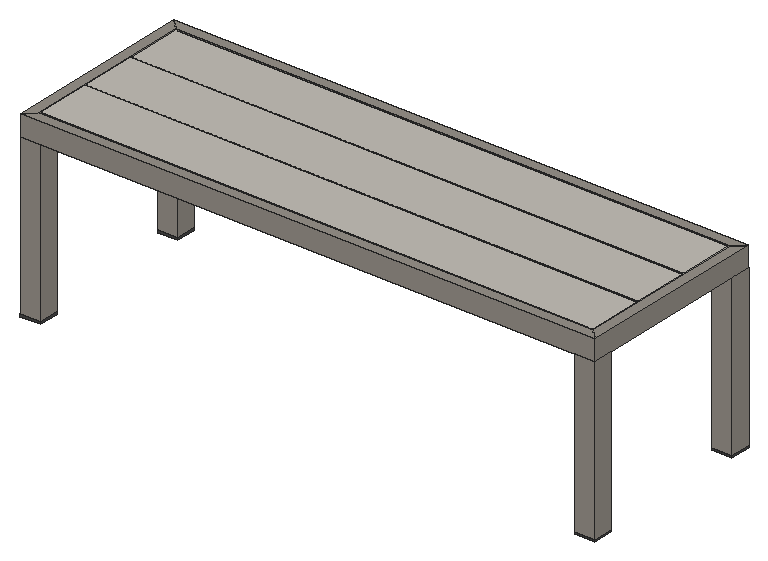
Revit family "Plymold-Aurora-Bench", category Furniture, Revit 2022
Family settings
  OmniClass Number = 23.40.20.00
  OmniClass Title = General Furniture and Specialties
  Work Plane-Based = No
  Always vertical = Yes
  Cut with Voids When Loaded = No
  Render Appearance Source = Family Geometry
  Shared = Yes
  Room Calculation Point = No
Parameters (values of type "666457PL02")
  Width = 56.9999"
  URL = "https://plymold.com/"
  Type Comments = "Aurora"  # constant formula
  TOP MATERIAL = PLY - Sand
  Sustainability = "https://plymold.com/plymolds-sustainability-efforts/"
  Revit Model Built By = "https://www.servex-us.com/servex-revit/"
  Product Documentation Link = "https://plymold.com/product/aurora-outdoor-bench/"
  Model = "666457PL02"
  Manufacturer = "Plymold Inc."  # constant formula
  Keynote = "12500"  # constant formula
  Height = 18"
  GLIDE MATERIAL = PLY - Plastic Black
  FRAME MATERIAL = PLY - Iron Glimme Powdercoat
  Description = "Outdoor Bench - Iron Glimme - 57\"W x 19\"D x 18\"H"
  Depth = 18.9999"
  Default Elevation = 0"
  Assembly Code = "E2020200"
Types (3): name | Model | FRAME MATERIAL | Description
  (no name) | "666457PL02" | PLY - Iron Glimme Powdercoat | "Outdoor Bench - Iron Glimme - 57\"W x 19\"D x 18\"H"
  666457PL03 | "666457PL03" | PLY - Onyx Black Powdercoat | "Outdoor Bench - Onyx Black - 57\"W x 19\"D x 18\"H"
  666457PL02 | "666457PL02" | PLY - Iron Glimme Powdercoat | "Outdoor Bench - Iron Glimme - 57\"W x 19\"D x 18\"H"
Reference planes (in)
  plane 1: z = 0
  plane 2 "Center Left/Right": x = 0
  plane 3: z = 18
  plane 4: x = 56.9999
  plane 5: y = -29.2069
  plane 6: z = 16
  plane 7 "Center (Front/Back)": y = -10.207
  plane 8: y = -19.70695
Forms (in)
  Sweep 1, solid, material "PLY - Iron Glimme Powdercoat" <- "FRAME MATERIAL"
    path origin (0, 0, 18) x (0, 1, 0) y (-1, 0, 0)
      loop
        line (-10.207, 0) -> (-29.2069, 0) -> (-29.2069, -56.9999) -> (-10.207, -56.9999) -> (-10.207, 0)
    profile origin (28.49995, -10.207, 18) x (0, 1, 0) y (0, 0, 1)
      loop
        line (0, 0) -> (-1, 0) -> (-1, -2) -> (0, -2) -> (0, 0)
  Extrusion 2, solid, material "PLY - Sand" <- "TOP MATERIAL"
    sketch origin (0, 0, 18) x (0, 1, 0) y (-1, 0, 0)
      loop
        line (-11.4569, -1.1249) -> (-16.7069, -1.1249)
        arc (-16.7069, -1.1249) -> (-16.79529, -1.16151) -> (-16.8319, -1.2499) r 0.125
        line (-16.8319, -1.2499) -> (-16.8319, -55.7499)
        arc (-16.8319, -55.7499) -> (-16.79529, -55.83829) -> (-16.7069, -55.8749) r 0.125
        line (-16.7069, -55.8749) -> (-11.4569, -55.8749)
        arc (-11.4569, -55.8749) -> (-11.36851, -55.83829) -> (-11.3319, -55.7499) r 0.125
        line (-11.3319, -55.7499) -> (-11.3319, -1.2499)
        arc (-11.3319, -1.2499) -> (-11.36851, -1.16151) -> (-11.4569, -1.1249) r 0.125
      loop
        line (-17.0819, -1.1249) -> (-22.3319, -1.1249)
        arc (-22.3319, -1.1249) -> (-22.42029, -1.16151) -> (-22.4569, -1.2499) r 0.125
        line (-22.4569, -1.2499) -> (-22.4569, -55.7499)
        arc (-22.4569, -55.7499) -> (-22.42029, -55.83829) -> (-22.3319, -55.8749) r 0.125
        line (-22.3319, -55.8749) -> (-17.0819, -55.8749)
        arc (-17.0819, -55.8749) -> (-16.99351, -55.83829) -> (-16.9569, -55.7499) r 0.125
        line (-16.9569, -55.7499) -> (-16.9569, -1.2499)
        arc (-16.9569, -1.2499) -> (-16.99351, -1.16151) -> (-17.0819, -1.1249) r 0.125
      loop
        line (-22.7069, -1.1249) -> (-27.9569, -1.1249)
        arc (-27.9569, -1.1249) -> (-28.04529, -1.16151) -> (-28.0819, -1.2499) r 0.125
        line (-28.0819, -1.2499) -> (-28.0819, -55.7499)
        arc (-28.0819, -55.7499) -> (-28.04529, -55.83829) -> (-27.9569, -55.8749) r 0.125
        line (-27.9569, -55.8749) -> (-22.7069, -55.8749)
        arc (-22.7069, -55.8749) -> (-22.61851, -55.83829) -> (-22.5819, -55.7499) r 0.125
        line (-22.5819, -55.7499) -> (-22.5819, -1.2499)
        arc (-22.5819, -1.2499) -> (-22.61851, -1.16151) -> (-22.7069, -1.1249) r 0.125
    from -0.75 to 0
  Extrusion 3, solid, material "PLY - Iron Glimme Powdercoat" <- "FRAME MATERIAL"
    sketch origin (0, 0, 0) x (1, 0, 0) y (0, 1, 0)
      loop
        line (0, -27.2069) -> (0, -29.2069) -> (2, -29.2069) -> (2, -27.2069) -> (0, -27.2069)
      loop
        line (0, -10.207) -> (0, -12.207) -> (2, -12.207) -> (2, -10.207) -> (0, -10.207)
      loop
        line (56.9999, -10.207) -> (54.9999, -10.207) -> (54.9999, -12.207) -> (56.9999, -12.207) -> (56.9999, -10.207)
      loop
        line (56.9999, -27.2069) -> (54.9999, -27.2069) -> (54.9999, -29.2069) -> (56.9999, -29.2069) -> (56.9999, -27.2069)
    from 0.1875 to 16
  Extrusion 4, solid, material "PLY - Iron Glimme Powdercoat" <- "FRAME MATERIAL"
    sketch origin (0, 0, 0) x (1, 0, 0) y (0, 0, 1)
      loop
        line (1, 16.25) -> (1, 16) -> (2.5, 16) -> (2.5, 16.25) -> (1, 16.25)
      loop
        line (4.125, 16.25) -> (4.125, 17.125) -> (5.875, 17.125) -> (5.875, 16.25) -> (6, 16.25) -> (6, 17.25) -> (4, 17.25) -> (4, 16.25) -> (4.125, 16.25)
      loop
        line (15.77773, 16.10095) -> (16.75, 17.07322) -> (17.72227, 16.10095) -> (17.81066, 16.18934) -> (16.75, 17.25) -> (15.68934, 16.18934) -> (15.77773, 16.10095)
      loop
        line (27.6249, 16.25) -> (27.6249, 17.125) -> (29.3749, 17.125) -> (29.3749, 16.25) -> (29.4999, 16.25) -> (29.4999, 17.25) -> (27.4999, 17.25) -> (27.4999, 16.25) -> (27.6249, 16.25)
      loop
        line (39.27763, 16.10095) -> (40.2499, 17.07322) -> (41.22217, 16.10095) -> (41.31056, 16.18934) -> (40.2499, 17.25) -> (39.18924, 16.18934) -> (39.27763, 16.10095)
      loop
        line (51.1249, 16.25) -> (51.1249, 17.125) -> (52.8749, 17.125) -> (52.8749, 16.25) -> (52.9999, 16.25) -> (52.9999, 17.25) -> (50.9999, 17.25) -> (50.9999, 16.25) -> (51.1249, 16.25)
      loop
        line (55.9999, 16.25) -> (54.4999, 16.25) -> (54.4999, 16) -> (55.9999, 16) -> (55.9999, 16.25)
    from 11.207 to 28.2069
  Extrusion 5, void
    sketch origin (0, 0, 18) x (0, 1, 0) y (-1, 0, 0)
      loop
        line (-10.207, 0) -> (-10.2382, 0) -> (-11.2382, -1) -> (-11.207, -1.0312) -> (-10.207, -0.0312) -> (-10.207, 0)
      loop
        line (-10.207, -56.9999) -> (-10.207, -56.9687) -> (-11.207, -55.9687) -> (-11.2382, -55.9999) -> (-10.2382, -56.9999) -> (-10.207, -56.9999)
      loop
        line (-29.2069, 0) -> (-29.2069, -0.0312) -> (-28.2069, -1.0312) -> (-28.1757, -1) -> (-29.1757, 0) -> (-29.2069, 0)
      loop
        line (-29.2069, -56.9999) -> (-29.1757, -56.9999) -> (-28.1757, -55.9999) -> (-28.2069, -55.9687) -> (-29.2069, -56.9687) -> (-29.2069, -56.9999)
    from -2 to 0
  Extrusion 6, solid, material "PLY - Plastic Black" <- "GLIDE MATERIAL"
    sketch origin (0, 0, 0) x (1, 0, 0) y (0, 1, 0)
      loop
        line (0, -10.207) -> (0, -12.207) -> (2, -12.207) -> (2, -10.207) -> (0, -10.207)
      loop
        line (0, -27.2069) -> (0, -29.2069) -> (2, -29.2069) -> (2, -27.2069) -> (0, -27.2069)
      loop
        line (54.9999, -27.2069) -> (54.9999, -29.2069) -> (56.9999, -29.2069) -> (56.9999, -27.2069) -> (54.9999, -27.2069)
      loop
        line (54.9999, -10.207) -> (54.9999, -12.207) -> (56.9999, -12.207) -> (56.9999, -10.207) -> (54.9999, -10.207)
    from 0 to 0.1875
Cuts and joins
  Extrusion 5 cuts Sweep 1
Lines and regions (in)
  symbolic lines
    curve 1: line (0, -10.207, 18) -> (56.9999, -10.207, 18)
    curve 2: line (0, -29.2069, 18) -> (0, -10.207, 18)
    curve 3: line (56.9999, -29.2069, 18) -> (0, -29.2069, 18)
    curve 4: line (56.9999, -10.207, 18) -> (56.9999, -29.2069, 18)
    curve 5: line (1, -11.207, 18) -> (55.9999, -11.207, 18)
    curve 6: line (1, -28.2069, 18) -> (1, -11.207, 18)
    curve 7: line (55.9999, -28.2069, 18) -> (1, -28.2069, 18)
    curve 8: line (55.9999, -11.207, 18) -> (55.9999, -28.2069, 18)
    curve 9: line (1.2499, -16.8319, 18) -> (55.7499, -16.8319, 18)
    curve 10: arc (55.7499, -16.8319, 18) -> (55.83829, -16.79529, 18) -> (55.8749, -16.7069, 18) r 0.125
    curve 11: line (55.8749, -16.7069, 18) -> (55.8749, -11.4569, 18)
    curve 12: arc (55.8749, -11.4569, 18) -> (55.83829, -11.36851, 18) -> (55.7499, -11.3319, 18) r 0.125
    curve 13: line (55.7499, -11.3319, 18) -> (1.2499, -11.3319, 18)
    curve 14: arc (1.2499, -11.3319, 18) -> (1.16151, -11.36851, 18) -> (1.1249, -11.4569, 18) r 0.125
    curve 15: line (1.1249, -11.4569, 18) -> (1.1249, -16.7069, 18)
    curve 16: arc (1.1249, -16.7069, 18) -> (1.16151, -16.79529, 18) -> (1.2499, -16.8319, 18) r 0.125
    curve 17: line (1.2499, -22.4569, 18) -> (55.7499, -22.4569, 18)
    curve 18: arc (55.7499, -22.4569, 18) -> (55.83829, -22.42029, 18) -> (55.8749, -22.3319, 18) r 0.125
    curve 19: line (55.8749, -22.3319, 18) -> (55.8749, -17.0819, 18)
    curve 20: arc (55.8749, -17.0819, 18) -> (55.83829, -16.99351, 18) -> (55.7499, -16.9569, 18) r 0.125
    curve 21: line (55.7499, -16.9569, 18) -> (1.2499, -16.9569, 18)
    curve 22: arc (1.2499, -16.9569, 18) -> (1.16151, -16.99351, 18) -> (1.1249, -17.0819, 18) r 0.125
    curve 23: line (1.1249, -17.0819, 18) -> (1.1249, -22.3319, 18)
    curve 24: arc (1.1249, -22.3319, 18) -> (1.16151, -22.42029, 18) -> (1.2499, -22.4569, 18) r 0.125
    curve 25: line (55.7499, -22.5819, 18) -> (1.2499, -22.5819, 18)
    curve 26: arc (1.2499, -22.5819, 18) -> (1.16151, -22.61851, 18) -> (1.1249, -22.7069, 18) r 0.125
    curve 27: line (1.1249, -22.7069, 18) -> (1.1249, -27.9569, 18)
    curve 28: arc (1.1249, -27.9569, 18) -> (1.16151, -28.04529, 18) -> (1.2499, -28.0819, 18) r 0.125
    curve 29: line (1.2499, -28.0819, 18) -> (55.7499, -28.0819, 18)
    curve 30: arc (55.7499, -28.0819, 18) -> (55.83829, -28.04529, 18) -> (55.8749, -27.9569, 18) r 0.125
    curve 31: line (55.8749, -27.9569, 18) -> (55.8749, -22.7069, 18)
    curve 32: arc (55.8749, -22.7069, 18) -> (55.83829, -22.61851, 18) -> (55.7499, -22.5819, 18) r 0.125
Dimensions and locks (in)
  "Height": plane 3 to plane 1
  locked: plane 3 to plane 6 at 2
  "Width": plane 2 "Center Left/Right" to plane 4
  locked: Extrusion 3 to plane 1 at 0.1875
  locked: plane 3 to Extrusion 2 at 0.75
  equal spacing: plane 5, plane 8, plane 7 "Center (Front/Back)"
  "Depth": plane 5 to plane 7 "Center (Front/Back)"
  aligned and locked: plane 1 to level
  aligned and locked: plane 6 to Extrusion 3
  aligned and locked: plane 3 to Extrusion 2
  aligned and locked: Extrusion 4 to Sweep 1  (x2)
  aligned and locked: Extrusion 5 to plane 6
  aligned and locked: plane 3 to Extrusion 5
  aligned and locked: Extrusion 6 to plane 1
  aligned and locked: Extrusion 6 to Extrusion 3
Automatic sketch dimensions
  Sweep 1 sketch curve to plane 2 "Center Left/Right" = 0"
  Sweep 1 sketch curve to plane 5 = 0"
  plane 7 "Center (Front/Back)" to Sweep 1 sketch curve = 0"
  Sweep 1 sketch curve to plane 4 = 0"
  Sweep 1 sketch curve to plane 3 = 0"
  Sweep 1 sketch curve to profile plane = 0"
  profile plane to Sweep 1 sketch curve = 1"
  Sweep 1 sketch curve to plane 3 = 2"
  plane 5 to Extrusion 2 sketch curve = 1 1/8"
  Extrusion 2 sketch curve to Extrusion 2 sketch curve = 1/8"  (x12)
  plane 2 "Center Left/Right" to Extrusion 2 sketch curve = 1.2499"
  Extrusion 2 sketch curve to Extrusion 2 sketch curve = 5 1/4"  (x4)
  plane 4 to Extrusion 2 sketch curve = 1 1/8"  (x2)
  plane 2 "Center Left/Right" to Extrusion 2 sketch curve = 1.1249"
  plane 7 "Center (Front/Back)" to Extrusion 2 sketch curve = 1.2499"  (x2)
  Extrusion 2 sketch curve to Extrusion 2 sketch curve = 0"
  Extrusion 3 sketch curve to plane 2 "Center Left/Right" = 0"  (x2)
  plane 7 "Center (Front/Back)" to Extrusion 3 sketch curve = 0"  (x2)
  Extrusion 3 sketch curve to plane 5 = 0"  (x2)
  Extrusion 3 sketch curve to plane 4 = 0"  (x2)
  Extrusion 3 sketch curve to Extrusion 3 sketch curve = 2"  (x6)
  plane 4 to Extrusion 3 sketch curve = 2"
  plane 5 to Extrusion 3 sketch curve = 2"
  Extrusion 4 sketch curve to plane 6 = 0"  (x2)
  plane 2 "Center Left/Right" to Extrusion 4 sketch curve = 1"
  Extrusion 4 sketch curve to Extrusion 4 sketch curve = 1 1/2"  (x3)
  Extrusion 4 sketch curve to plane 3 = 3/4"  (x5)
  Extrusion 4 sketch curve to Extrusion 4 sketch curve = 1/8"  (x9)
  Extrusion 4 sketch curve to Extrusion 4 sketch curve = 1 3/4"  (x3)
  plane 6 to Extrusion 4 sketch curve = 0.18934"  (x2)
  Extrusion 4 sketch curve to Extrusion 4 sketch curve = 9.68934"  (x2)
  plane 6 to Extrusion 4 sketch curve = 0.10095"  (x4)
  Extrusion 4 sketch curve to Extrusion 4 sketch curve = 0.08839"  (x2)
  Extrusion 4 sketch curve to plane 3 = 0.92678"  (x2)
  Extrusion 4 sketch curve to Extrusion 4 sketch curve = 9.68924"
  plane 4 to Extrusion 4 sketch curve = 6"
  plane 6 to Extrusion 4 sketch curve = 1/4"  (x8)
  plane 4 to Extrusion 4 sketch curve = 1"
  Extrusion 5 sketch curve to plane 2 "Center Left/Right" = 0"  (x2)
  Extrusion 5 sketch curve to plane 5 = 0"  (x2)
  Extrusion 5 sketch curve to plane 4 = 0"  (x2)
  plane 7 "Center (Front/Back)" to Extrusion 5 sketch curve = 0"  (x2)
  Extrusion 5 sketch curve to Extrusion 5 sketch curve = 0.0312"  (x9)
  plane 5 to Extrusion 5 sketch curve = 1"  (x2)
  plane 7 "Center (Front/Back)" to Extrusion 5 sketch curve = 1.0312"  (x2)
  plane 4 to Extrusion 5 sketch curve = 0.0312"
  plane 2 "Center Left/Right" to Extrusion 5 sketch curve = 1.0312"  (x2)
  Extrusion 6 sketch curve to plane 2 "Center Left/Right" = 0"  (x2)
  plane 7 "Center (Front/Back)" to Extrusion 6 sketch curve = 0"  (x2)
  Extrusion 6 sketch curve to plane 5 = 0"  (x2)
  Extrusion 6 sketch curve to plane 4 = 0"  (x2)
  Extrusion 6 sketch curve to Extrusion 6 sketch curve = 2"  (x6)
  plane 4 to Extrusion 6 sketch curve = 2"
  plane 7 "Center (Front/Back)" to Extrusion 6 sketch curve = 2"
  curve 4 to plane 4 = 0"
  curve 4 to plane 5 = 0"
  plane 7 "Center (Front/Back)" to curve 4 = 0"
  curve 2 to plane 2 "Center Left/Right" = 0"
  plane 5 to curve 7 = 1"
  curve 6 to curve 29 = 1/8"
  curve 29 to curve 31 = 1/8"
  curve 29 to curve 27 = 1/8"
  plane 4 to curve 32 = 1 1/4"
  curve 30 to curve 32 = 5 1/4"
  plane 2 "Center Left/Right" to curve 27 = 1.1249"
  curve 27 to curve 27 = 5 1/4"
  curve 26 to curve 25 = 1/8"
  curve 25 to curve 17 = 1/8"
  curve 17 to curve 23 = 1/8"
  curve 17 to curve 18 = 1/8"
  plane 2 "Center Left/Right" to curve 22 = 1.2499"
  curve 24 to curve 22 = 5 1/4"
  plane 4 to curve 19 = 1 1/8"
  curve 18 to curve 19 = 5 1/4"
  curve 20 to curve 21 = 1/8"
  curve 20 to curve 9 = 1/8"
  curve 9 to curve 16 = 1/8"
  curve 9 to curve 10 = 1/8"
  plane 7 "Center (Front/Back)" to curve 12 = 1.2499"
  plane 7 "Center (Front/Back)" to curve 15 = 1.2499"
  curve 14 to curve 13 = 1/8"
  curve 15 to curve 6 = 0.2499"
  curve 7 to curve 31 = 1/8"
  curve 5 to curve 11 = 1/8"
  curve 9 to curve 21 = 0"
  curve 15 to curve 6 = 0.1249"
